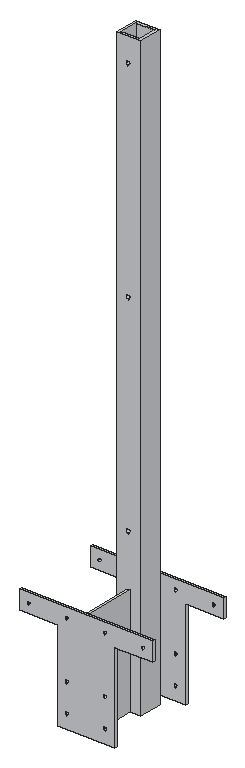
Revit family "051630_Intermediate Handrail Post CB", category Generic Models, Revit 2018
Family settings
  Can host rebar = No
  Round Connector Dimension = Use Diameter
  Part Type = Normal
  Work Plane-Based = No
  Always vertical = Yes
  Cut with Voids When Loaded = No
  Shared = No
  Room Calculation Point = No
Reference planes
  plane 1 "Center (Front/Back)": y = 0
  plane 2: z = 0
  plane 3 "Center (Left/Right)": x = 0
  plane 4: z = 190
  plane 5: z = 230
  plane 6: z = 1270
  plane 7: z = 1220
  plane 8: z = 780
  plane 9: z = 340
  plane 10: x = 140
  plane 11: x = -140
  plane 12: x = 25
  plane 13: x = -25
  plane 14: x = 60
  plane 15: x = -60
  plane 16: x = 40
  plane 17: x = -40
  plane 18: x = 120
  plane 19: x = -120
  plane 20: z = 210
  plane 21: z = 30
  plane 22: y = -5
  plane 23: z = 210
  plane 24: z = 30
  plane 25: y = -190
  plane 26: y = -185
  plane 27: y = -30
  plane 28: y = -80
Forms (mm)
  Extrusion 1, solid
    sketch origin (0, 0, 0) x (1, 0, 0) y (0, 0, 1)
      loop
        line (140, 230) -> (-140, 230) -> (-140, 190) -> (-60, 190) -> (-60, 0) -> (60, 0) -> (60, 190) -> (140, 190) -> (140, 230)
      loop
        circle (120, 210) r 3.5
      loop
        circle (40, 210) r 3.5
      loop
        circle (-40, 210) r 3.5
      loop
        circle (-120, 210) r 3.5
      loop
        circle (40, 30) r 3.5
      loop
        circle (-40, 30) r 3.5
      loop
        circle (40, 90) r 3.5
      loop
        circle (-40, 90) r 3.5
    from 0 to 5
  Extrusion 2, solid
    sketch origin (0, 0, 0) x (1, 0, 0) y (0, 0, 1)
      loop
        line (140, 230) -> (-140, 230) -> (-140, 190) -> (-60, 190) -> (-60, 0) -> (60, 0) -> (60, 190) -> (140, 190) -> (140, 230)
      loop
        circle (120, 210) r 3.5
      loop
        circle (40, 210) r 3.5
      loop
        circle (-40, 210) r 3.5
      loop
        circle (-120, 210) r 3.5
      loop
        circle (40, 30) r 3.5
      loop
        circle (-40, 30) r 3.5
      loop
        circle (40, 90) r 3.5
      loop
        circle (-40, 90) r 3.5
    from 185 to 190
  Extrusion 3, solid
    sketch origin (0, 0, 0) x (1, 0, 0) y (0, 1, 0)
      loop
        line (-25, -30) -> (-25, -80) -> (25, -80) -> (25, -30) -> (-25, -30)
      loop
        line (-20, -35) -> (-20, -75) -> (20, -75) -> (20, -35) -> (-20, -35)
    from 0 to 1270
  Extrusion 4, void
    sketch origin (0, 0, 0) x (1, 0, 0) y (0, 0, 1)
      loop
        circle (0, 1220) r 4.5
      loop
        circle (0, 780) r 4.5
      loop
        circle (0, 340) r 4.5
    from 30 to 80
  Extrusion 5, solid
    sketch origin (0, 0, 0) x (1, 0, 0) y (0, 1, 0)
      loop
        line (-2.5, -80) -> (-2.5, -185) -> (2.5, -185) -> (2.5, -80) -> (-2.5, -80)
    from 0 to 230
  Extrusion 6, solid
    sketch origin (0, 105, 0) x (1, 0, 0) y (0, 1, 0)
      loop
        line (-2.5, -110) -> (-2.5, -135) -> (2.5, -135) -> (2.5, -110) -> (-2.5, -110)
    from 0 to 230
Cuts and joins
  Extrusion 4 cuts Extrusion 3
Dimensions and locks
  aligned and locked: level to plane 2
